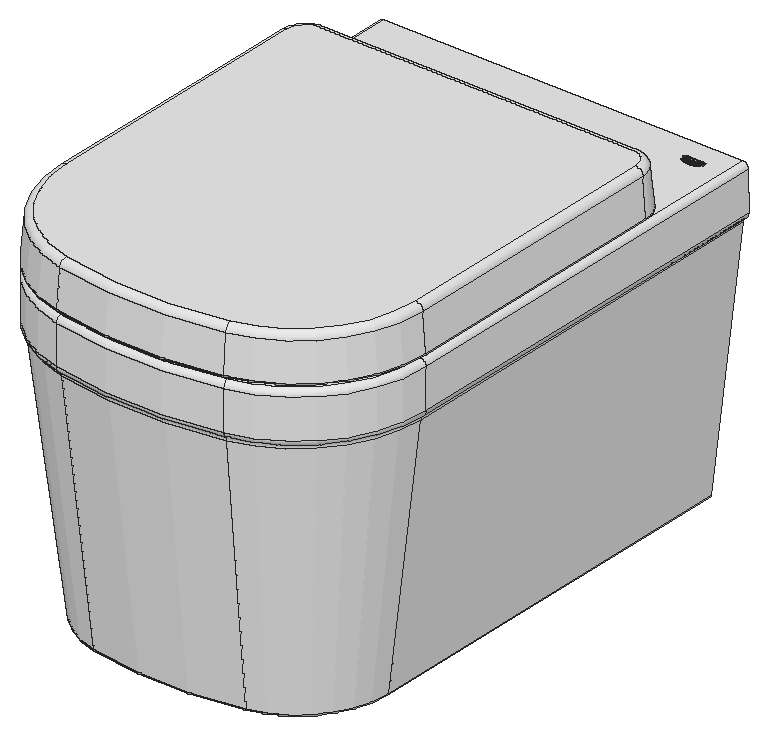
Revit family "PlumbingFixture_GroheLimited_EuroCeramicWallhungWC_39328000_METRIC1", category Plumbing Fixtures, Revit 2015
Parameters (values of type "39328000")
  _DistributedBy = "www.bimstore.co.uk"
  _CurrentRevision = 0
  _CreatedBy = "www.bimstore.co.uk"
  _BimSpecGuid = 0
  _BSBibleVersion = 14
  _AuthorizedBy = "Kris Atkinson"
  _Author = "Ian Holmes"
  Waste Connection = yes
  WarrantyStartDate [instance] = "Please Record On Commissioning."
  WarrantyGuarantorParts = "info-uk@grohe.com"
  WarrantyGuarantorLabor = "info-uk@grohe.com"
  WarrantyDurationUnit = "Years"
  WarrantyDurationParts = "n/a"
  WarrantyDurationLabor = "n/a"
  WarrantyDescription = "n/a"
  WFU = 0
  Vent Connection = no
  URL = "www.grohe.com"
  TypeName = "Euro Ceramic wallhung WC"
  Type Comments = "39328000"
  SpareParts = "n/a"
  Size = "n/a"
  Shape = "n/a"
  SerialNumber [instance] = "Please Record On Commissioning."
  ReplacementCost = "n/a"
  ReferencedStandard = "n/a"
  ProductionYear = "2017"
  ProductPageURL = "https://www.grohe.co.uk/en_gb/euro-ceramic-wall-hung-wc-39328000.html"
  ProductDocumentationLink = "https://cdn.cloud.grohe.com/dimdraw/2000/2000/2090/2095/2095964/1500/2095964.jpg"
  PrimaryMaterial = Ceramic, White
  PercentageOfRecycledContent = "n/a"
  OffsetFromLevel [instance] = 400 mm
  NominalLength = 0 mm
  NominalHeight = 0 mm
  NominalDepth = 0 mm
  NBSReference = "45-35-70/384"
  NBSOfficeMasterTag = "n/a"
  NBSObjectName = "Grohe Limited -  WC pans"
  NBSNote = ""
  NBSDescription = "WC pans"
  ModelReference = "Euro Ceramic wallhung WC"
  ModelNumber = "39328000"
  Model = "Euro Ceramic wallhung WC"
  Material = "Ceramic"
  MasterformatTitle = "Sanitary Facilities"
  MasterformatNumber = "01 52 19"
  ManufacturerName = "Grohe Limited"
  Manufacturer = "Grohe Limited"
  LowEmittingMaterial = no
  LEEDCredit = "n/a"
  Keynote = "N13"
  InstallationDate [instance] = "Please Record On Commissioning."
  IndustryStandards = "n/a"
  IfcExportType = "IfcPipeFittingType"
  IfcExportAs = "IfcPipeFitting"
  HotWaterConnectionDiameter = 10 mm
  HWFU = 4.5
  HW Connection = no
  Grade = "2017"
  Finish = "Ceramic"
  Features = "Euro Ceramic Wallhung WC, Triple vortex, Rimless, Flushing volume 5/ 3L, Incl. fixation set , Optional Proguard & HyperClean (00H), Vitreous china, Alpine White, 16 pcs per pallet"
  ExpectedLife = 0
  Ecojoy = no
  DurationUnit = "Years"
  DocumentationTechnical = "n/a"
  DocumentationMaintenance = "n/a"
  DocumentationLiterature = "n/a"
  DocumentationInstallationGuide = "n/a"
  DocumentationCertificates = "n/a"
  Description = "Euro Ceramic Wallhung WC, Triple vortex, Rimless, Flushing volume 5/ 3L, Incl. fixation set , Optional Proguard & HyperClean (00H), Vitreous china, Alpine White, 16 pcs per pallet"
  CreatedOn = "2017-08-01T09:00:00"
  CreatedBy = "info-uk@grohe.com"
  Cost = 0
  Constituents = "n/a"
  Color = "White"
  ColdWaterConnectionDiameter = 10 mm
  CodePerformance = "n/a"
  ClassificationValue = "Pr_40_20_93_94"
  ClassificationName = "Uniclass2015"
  CWFU = 4.5
  CW Connection = no
  BarCode [instance] = "Please Record On Commissioning."
  BIMObjectName = "PlumbingFixture_GroheLimited_EuroCeramicWallhungWC _39328000_METRIC"
  AssetType = "Fixed"
  AssetIdentifier [instance] = "Please Record On Commissioning."
  Assembly Code = "N2010"
  AccessibilityPerformance = "n/a"
  ADACompliant = no
Reference planes
  plane 1 "Center (Front/Back)": y = 0
  plane 2: z = 0
  plane 3 "Center (Left/Right)": x = 0
  plane 4: z = 449.971
  plane 5: z = 84.308
  plane 6: z = 400
Lines and regions (mm)
  reference lines
    curve 1: line (0, 0, 230) -> (0, -100, 230)
Dimensions and locks
  "OffsetFromLevel": plane 6 to plane 2
  locked: plane 4 to plane 5 at 365.663
  locked: plane 4 to plane 6 at 49.971
  locked: curve 1 to plane 6 at 170
  locked: curve 1 to curve 1 at 100
  aligned and locked: level to plane 2
  aligned and locked: nested 1 to plane 5
  aligned and locked: plane 1 "Center (Front/Back)" to nested 1
  aligned and locked: plane 3 "Center (Left/Right)" to nested 1
  aligned and locked: plane 1 "Center (Front/Back)" to curve 1
Nested families
  nested 1: "39328000" at (0, 0, 39.5), type "39328000"
    with OffsetFromLevel 0 mm
Connectors
  piping at (0, 0, 230), diameter 102
    settings: on curve 1, index 1, connector inside diameter 609.6 mm, connector length 0 mm, flow factor 0, pipe flow 0.0 L/s, pressure drop 0.0 Pa, fitting loss kfactor 0, connector angle 0.00°, fixture units 0, engagement length 0 mm, angle of deflection 0.00°, flow configuration 0, flow direction 2, fitting loss method 0, system type 16, joint type 0, gender type 0, connector reference index -1, connector utility 0, adjustable connector no, is connector primary yes, connector description ""
Definition of nested family "39328000"
  Parameters (values of type "39328000")
    Waste Connection = yes
    WFU = 0
    Vent Connection = no
    URL = "www.grohe.com"
    Type Comments = "39328000"
    PrimaryMaterial = none
    OffsetFromLevel [instance] = 0 mm
    Model = "Euro Ceramic wallhung WC"
    Manufacturer = "Grohe Limited"
    Keynote = "N13"
    HWFU = 4.5
    HW Connection = no
    Description = "Euro Ceramic Wallhung WC, Triple vortex, Rimless, Flushing volume 5/ 3L, Incl. fixation set , Optional Proguard & HyperClean (00H), Vitreous china, Alpine White, 16 pcs per pallet"
    Cost = 0
    CWFU = 4.5
    CW Connection = no
    Assembly Code = "N2010"
  Reference planes
    plane 1 "Center (Front/Back)": y = 0
    plane 2: z = 0
    plane 3 "Center (Left/Right)": x = 0
  Forms (mm)
    Sweep 1, solid, material <- "PrimaryMaterial"
      path in 3D
        loop
          line (-186.764, 0, 0) -> (-186.764, -405.863, 0)
          arc (-186.764, -405.863, 0) -> (-158.035, -487.375, 0) -> (-84.546, -532.86, 0) r 130
          arc (-84.546, -532.86, 0) -> (0, -542, 0) -> (84.546, -532.86, 0) r 395.611
          arc (84.546, -532.86, 0) -> (158.035, -487.375, 0) -> (186.764, -405.863, 0) r 130
          line (186.764, -405.863, 0) -> (186.764, 0, 0)
      profile origin (-186.764, 0, 0) x (1, 0, 0) y (0, 0, 1)
        loop
          line (39.825, 44.808) -> (113.176, 44.808) -> (113.176, 360.5) -> (6, 360.5)
          arc (6, 360.5) -> (1.757, 358.742) -> (0, 354.5) r 6
          line (0, 354.5) -> (0, 314.906)
          arc (0, 314.906) -> (0.706, 312.082) -> (2.657, 309.923) r 6
          arc (2.657, 309.923) -> (4.523, 307.918) -> (5.304, 305.293) r 6
          arc (5.304, 305.293) -> (17.286, 175.32) -> (37.861, 46.427) r 1967.257
          arc (37.861, 46.427) -> (38.552, 45.265) -> (39.825, 44.808) r 2
    Extrusion 2, solid, material <- "PrimaryMaterial"
      sketch origin (0, 0, 0) x (1, 0, 0) y (0, 1, 0)
        loop
          line (73.588, 0) -> (-73.588, 0) -> (-73.588, -405.863)
          arc (-73.588, -405.863) -> (-69.87, -416.412) -> (-60.36, -422.299) r 16.824
          arc (-60.36, -422.299) -> (0, -428.824) -> (60.36, -422.299) r 282.435
          arc (60.36, -422.299) -> (69.87, -416.412) -> (73.588, -405.863) r 16.824
          line (73.588, -405.863) -> (73.588, 0)
      from 44.808 to 360.5
    Sweep 3, solid, material <- "PrimaryMaterial"
      path in 3D
        loop
          arc (-186.764, -405.863, 0) -> (-158.035, -487.375, 0) -> (-84.546, -532.86, 0) r 130
          arc (-84.546, -532.86, 0) -> (0, -542, 0) -> (84.546, -532.86, 0) r 395.611
          arc (84.546, -532.86, 0) -> (158.035, -487.375, 0) -> (186.764, -405.863, 0) r 130
          line (186.764, -405.863, 0) -> (186.764, -128.6, 0)
          arc (186.764, -128.6, 0) -> (177.977, -107.387, 0) -> (156.764, -98.6, 0) r 30
          line (156.764, -98.6, 0) -> (-156.764, -98.6, 0)
          arc (-156.764, -98.6, 0) -> (-177.977, -107.387, 0) -> (-186.764, -128.6, 0) r 30
          line (-186.764, -128.6, 0) -> (-186.764, -405.863, 0)
      profile origin (-186.764, -267.232, 0) x (1, 0, 0) y (0, 0, 1)
        loop
          arc (0.095, 366.487) -> (0.354, 365.724) -> (1.091, 365.4) r 1
          line (1.091, 365.4) -> (25, 365.4) -> (25, 410.47) -> (10.816, 410.47)
          arc (10.816, 410.47) -> (5.749, 408.5) -> (3.344, 403.624) r 7.5
          line (3.344, 403.624) -> (0.095, 366.487)
    Extrusion 4, solid, material <- "PrimaryMaterial"
      sketch origin (0, 0, 0) x (1, 0, 0) y (0, 1, 0)
        loop
          arc (-161.764, -405.863) -> (-138.56, -471.7) -> (-79.204, -508.438) r 105
          arc (-79.204, -508.438) -> (0, -517) -> (79.204, -508.438) r 370.611
          arc (79.204, -508.438) -> (138.56, -471.7) -> (161.764, -405.863) r 105
          line (161.764, -405.863) -> (161.764, -128.6)
          arc (161.764, -128.6) -> (160.3, -125.065) -> (156.764, -123.6) r 5
          line (156.764, -123.6) -> (-156.764, -123.6)
          arc (-156.764, -123.6) -> (-160.3, -125.065) -> (-161.764, -128.6) r 5
          line (-161.764, -128.6) -> (-161.764, -405.863)
      from 410.47 to 365.4
    Sweep 5, void
      path in 3D
        loop
          line (216.764, -98.6, 0) -> (-218.236, -98.6, 0)
      profile origin (-0.736, -98.6, 0) x (0, -1, 0) y (0, 0, 1)
        loop
          line (1.335, 381.707) -> (2.971, 400.4) -> (-11.785, 400.4) -> (-11.785, 362.875) -> (24.909, 362.875) -> (24.909, 365.4) -> (16.278, 365.4)
          arc (16.278, 365.4) -> (5.219, 370.266) -> (1.335, 381.707) r 15
    Extrusion 6, solid, material <- "PrimaryMaterial"
      sketch origin (0, 0, 0) x (1, 0, 0) y (0, 1, 0)
        loop
          circle (-77.512, -95.399) r 27.5
        loop
          circle (77.512, -95.399) r 27.5
      from 368.18 to 360.5
    Revolve 7, solid, material <- "PrimaryMaterial"
      sketch origin (0, 0, 0) x (0, 1, 0) y (0, 0, 1)
        loop
          line (-211.128, 60) -> (-211.128, 0)
          arc (-211.128, 0) -> (-164.42, 16.983) -> (-139.529, 60) r 72.72
          line (-139.529, 60) -> (-211.128, 60)
        axis (-211.128, 60) -> (-211.128, 0)
      angle from 0 to 360
    Extrusion 8, void
      sketch origin (224.779, -108.986, 211.5) x (0, 1, 0) y (-1, 0, 0)
        loop
          spline (87.555, 81.289) -> (87.887, 82.628) -> (87.745, 83.695) -> (87.295, 84.469) -> (86.699, 84.932) -> (86.051, 85.104) -> (85.409, 85.033) -> (84.827, 84.764) -> (84.353, 84.331) -> (84.021, 83.74) -> (83.863, 82.996) -> (83.936, 82.119) -> (84.344, 81.161)
          line (84.344, 81.161) -> (85.87, 81.161) -> (85.87, 82.167) -> (84.746, 82.167)
          spline (84.746, 82.167) -> (84.504, 82.743) -> (84.528, 83.242) -> (84.755, 83.645) -> (85.125, 83.934) -> (85.576, 84.093) -> (86.047, 84.102) -> (86.482, 83.954) -> (86.841, 83.659) -> (87.086, 83.231) -> (87.178, 82.684) -> (87.081, 82.032) -> (86.755, 81.289)
          line (86.755, 81.289) -> (87.555, 81.289)
        loop
          line (83.951, 80.338) -> (83.951, 79.329) -> (87.024, 79.329)
          spline (87.024, 79.329) -> (87.029, 79.038) -> (87.035, 78.793) -> (87.026, 78.589) -> (86.985, 78.42) -> (86.897, 78.281) -> (86.748, 78.169) -> (86.552, 78.097) -> (86.337, 78.089) -> (86.129, 78.171) -> (85.958, 78.365) -> (85.851, 78.696) -> (85.837, 79.188)
          line (85.837, 79.188) -> (83.951, 77.819) -> (83.951, 76.51) -> (85.511, 77.819)
          arc (85.511, 77.819) -> (86.802, 77.083) -> (87.755, 78.223) r 1.158
          line (87.755, 78.223) -> (87.755, 80.338) -> (83.951, 80.338)
        loop
          spline (83.801, 74.144) -> (83.871, 73.536) -> (84.074, 72.97) -> (84.398, 72.483) -> (84.819, 72.11) -> (85.311, 71.875) -> (85.838, 71.795) -> (86.365, 71.875) -> (86.856, 72.11) -> (87.278, 72.483) -> (87.601, 72.97) -> (87.805, 73.536) -> (87.874, 74.144)
          spline (87.874, 74.144) -> (87.805, 74.752) -> (87.601, 75.319) -> (87.278, 75.805) -> (86.856, 76.179) -> (86.365, 76.413) -> (85.838, 76.493) -> (85.311, 76.413) -> (84.819, 76.179) -> (84.398, 75.805) -> (84.074, 75.319) -> (83.871, 74.752) -> (83.801, 74.144)
        loop
          spline (84.492, 74.144) -> (84.538, 73.81) -> (84.673, 73.498) -> (84.886, 73.23) -> (85.165, 73.025) -> (85.489, 72.896) -> (85.838, 72.851) -> (86.186, 72.896) -> (86.51, 73.025) -> (86.789, 73.23) -> (87.003, 73.498) -> (87.137, 73.81) -> (87.183, 74.144)
          spline (87.183, 74.144) -> (87.137, 74.479) -> (87.003, 74.791) -> (86.789, 75.059) -> (86.51, 75.264) -> (86.186, 75.393) -> (85.838, 75.437) -> (85.489, 75.393) -> (85.165, 75.264) -> (84.886, 75.059) -> (84.673, 74.791) -> (84.538, 74.479) -> (84.492, 74.144)
        loop
          line (83.95, 71.102) -> (83.95, 70.1) -> (85.811, 70.1) -> (85.811, 68.368) -> (83.95, 68.368) -> (83.95, 67.366) -> (87.982, 67.366) -> (87.982, 68.368) -> (86.592, 68.368) -> (86.592, 70.1) -> (87.982, 70.1) -> (87.982, 71.102) -> (83.95, 71.102)
        loop
          line (83.95, 66.313) -> (83.95, 63.467) -> (84.782, 63.467) -> (84.782, 65.311) -> (85.582, 65.311) -> (85.582, 63.967) -> (86.382, 63.967) -> (86.382, 65.311) -> (87.182, 65.311) -> (87.182, 63.682) -> (87.982, 63.682) -> (87.982, 66.313) -> (83.95, 66.313)
        loop
          arc (82.595, 81.499) -> (82.17, 82.773) -> (82.083, 84.113) r 5.216
          line (82.083, 84.113) -> (81.375, 83.598)
          arc (81.375, 83.598) -> (81.543, 82.365) -> (81.965, 81.194) r 5.916
          arc (81.965, 81.194) -> (82.476, 78.968) -> (81.965, 76.743) r 5.1
          arc (81.965, 76.743) -> (81.372, 74.162) -> (81.965, 71.581) r 5.916
          arc (81.965, 71.581) -> (82.476, 69.355) -> (81.965, 67.13) r 5.1
          arc (81.965, 67.13) -> (81.543, 65.959) -> (81.375, 64.726) r 5.916
          line (81.375, 64.726) -> (82.083, 64.211)
          arc (82.083, 64.211) -> (82.17, 65.551) -> (82.595, 66.824) r 5.216
          arc (82.595, 66.824) -> (83.176, 69.355) -> (82.595, 71.886) r 5.8
          arc (82.595, 71.886) -> (82.072, 74.162) -> (82.595, 76.438) r 5.216
          arc (82.595, 76.438) -> (83.176, 78.968) -> (82.595, 81.499) r 5.8
        loop
          arc (81.095, 66.824) -> (81.676, 69.355) -> (81.095, 71.886) r 5.8
          arc (81.095, 71.886) -> (80.572, 74.162) -> (81.095, 76.438) r 5.216
          arc (81.095, 76.438) -> (81.676, 78.968) -> (81.095, 81.499) r 5.8
          arc (81.095, 81.499) -> (80.853, 82.087) -> (80.684, 82.7) r 5.216
          line (80.684, 82.7) -> (80.154, 81.971)
          arc (80.154, 81.971) -> (80.296, 81.577) -> (80.465, 81.194) r 5.916
          arc (80.465, 81.194) -> (80.976, 78.968) -> (80.465, 76.743) r 5.1
          arc (80.465, 76.743) -> (79.872, 74.162) -> (80.465, 71.581) r 5.916
          arc (80.465, 71.581) -> (80.976, 69.355) -> (80.465, 67.13) r 5.1
          arc (80.465, 67.13) -> (80.296, 66.747) -> (80.154, 66.353) r 5.916
          line (80.154, 66.353) -> (80.684, 65.624)
          arc (80.684, 65.624) -> (80.853, 66.237) -> (81.095, 66.824) r 5.216
        loop
          line (79.776, 81.084) -> (79.321, 80.217)
          arc (79.321, 80.217) -> (79.45, 78.449) -> (78.965, 76.743) r 5.1
          arc (78.965, 76.743) -> (78.372, 74.162) -> (78.965, 71.581) r 5.916
          arc (78.965, 71.581) -> (79.45, 69.875) -> (79.321, 68.107) r 5.1
          line (79.321, 68.107) -> (79.776, 67.239)
          arc (79.776, 67.239) -> (80.172, 69.582) -> (79.595, 71.886) r 5.8
          arc (79.595, 71.886) -> (79.072, 74.162) -> (79.595, 76.438) r 5.216
          arc (79.595, 76.438) -> (80.172, 78.742) -> (79.776, 81.084) r 5.8
      from 146.798 to 149
    Extrusion 9, solid
      sketch origin (-41.446, -3.116, 211.5) x (1, 0, 0) y (0, 1, 0)
        loop
          spline (184.936, -18.315) -> (183.597, -17.984) -> (182.53, -18.126) -> (181.756, -18.575) -> (181.293, -19.172) -> (181.121, -19.819) -> (181.192, -20.461) -> (181.461, -21.043) -> (181.894, -21.517) -> (182.485, -21.849) -> (183.229, -22.007) -> (184.106, -21.934) -> (185.064, -21.526)
          line (185.064, -21.526) -> (185.064, -20) -> (184.058, -20) -> (184.058, -21.124)
          spline (184.058, -21.124) -> (183.482, -21.366) -> (182.983, -21.343) -> (182.58, -21.115) -> (182.29, -20.745) -> (182.132, -20.294) -> (182.123, -19.824) -> (182.271, -19.389) -> (182.566, -19.03) -> (182.994, -18.785) -> (183.541, -18.692) -> (184.193, -18.789) -> (184.936, -19.115)
          line (184.936, -19.115) -> (184.936, -18.315)
        loop
          line (185.887, -21.919) -> (186.896, -21.919) -> (186.896, -18.847)
          spline (186.896, -18.847) -> (187.187, -18.841) -> (187.432, -18.835) -> (187.636, -18.845) -> (187.805, -18.886) -> (187.943, -18.974) -> (188.056, -19.122) -> (188.128, -19.318) -> (188.135, -19.534) -> (188.054, -19.741) -> (187.86, -19.912) -> (187.529, -20.019) -> (187.037, -20.034)
          line (187.037, -20.034) -> (188.406, -21.919) -> (189.715, -21.919) -> (188.406, -20.359)
          arc (188.406, -20.359) -> (189.142, -19.069) -> (188.002, -18.116) r 1.158
          line (188.002, -18.116) -> (185.887, -18.116) -> (185.887, -21.919)
        loop
          spline (192.081, -22.069) -> (192.689, -22) -> (193.255, -21.796) -> (193.742, -21.473) -> (194.115, -21.051) -> (194.35, -20.56) -> (194.43, -20.033) -> (194.35, -19.506) -> (194.115, -19.014) -> (193.742, -18.593) -> (193.255, -18.269) -> (192.689, -18.066) -> (192.081, -17.996)
          spline (192.081, -17.996) -> (191.473, -18.066) -> (190.906, -18.269) -> (190.42, -18.593) -> (190.046, -19.014) -> (189.812, -19.506) -> (189.732, -20.033) -> (189.812, -20.56) -> (190.046, -21.051) -> (190.42, -21.473) -> (190.906, -21.796) -> (191.473, -22) -> (192.081, -22.069)
        loop
          spline (192.081, -21.378) -> (192.415, -21.332) -> (192.727, -21.198) -> (192.995, -20.984) -> (193.2, -20.705) -> (193.329, -20.381) -> (193.374, -20.033) -> (193.329, -19.684) -> (193.2, -19.36) -> (192.995, -19.081) -> (192.727, -18.868) -> (192.415, -18.733) -> (192.081, -18.687)
          spline (192.081, -18.687) -> (191.746, -18.733) -> (191.434, -18.868) -> (191.166, -19.081) -> (190.961, -19.36) -> (190.832, -19.684) -> (190.788, -20.033) -> (190.832, -20.381) -> (190.961, -20.705) -> (191.166, -20.984) -> (191.434, -21.198) -> (191.746, -21.332) -> (192.081, -21.378)
        loop
          line (195.123, -21.92) -> (196.125, -21.92) -> (196.125, -20.059) -> (197.857, -20.059) -> (197.857, -21.92) -> (198.859, -21.92) -> (198.859, -17.888) -> (197.857, -17.888) -> (197.857, -19.278) -> (196.125, -19.278) -> (196.125, -17.888) -> (195.123, -17.888) -> (195.123, -21.92)
        loop
          line (199.912, -21.92) -> (202.757, -21.92) -> (202.757, -21.088) -> (200.914, -21.088) -> (200.914, -20.288) -> (202.258, -20.288) -> (202.258, -19.488) -> (200.914, -19.488) -> (200.914, -18.688) -> (202.543, -18.688) -> (202.543, -17.888) -> (199.912, -17.888) -> (199.912, -21.92)
        loop
          arc (184.726, -23.275) -> (183.452, -23.701) -> (182.112, -23.787) r 5.216
          line (182.112, -23.787) -> (182.627, -24.495)
          arc (182.627, -24.495) -> (183.86, -24.328) -> (185.031, -23.905) r 5.916
          arc (185.031, -23.905) -> (187.256, -23.394) -> (189.482, -23.905) r 5.1
          arc (189.482, -23.905) -> (192.063, -24.498) -> (194.644, -23.905) r 5.916
          arc (194.644, -23.905) -> (196.87, -23.394) -> (199.095, -23.905) r 5.1
          arc (199.095, -23.905) -> (200.266, -24.328) -> (201.499, -24.495) r 5.916
          line (201.499, -24.495) -> (202.014, -23.787)
          arc (202.014, -23.787) -> (200.674, -23.701) -> (199.4, -23.275) r 5.216
          arc (199.4, -23.275) -> (196.87, -22.694) -> (194.339, -23.275) r 5.8
          arc (194.339, -23.275) -> (192.063, -23.798) -> (189.787, -23.275) r 5.216
          arc (189.787, -23.275) -> (187.256, -22.694) -> (184.726, -23.275) r 5.8
        loop
          arc (199.4, -24.775) -> (196.87, -24.194) -> (194.339, -24.775) r 5.8
          arc (194.339, -24.775) -> (192.063, -25.298) -> (189.787, -24.775) r 5.216
          arc (189.787, -24.775) -> (187.256, -24.194) -> (184.726, -24.775) r 5.8
          arc (184.726, -24.775) -> (184.138, -25.017) -> (183.525, -25.186) r 5.216
          line (183.525, -25.186) -> (184.254, -25.716)
          arc (184.254, -25.716) -> (184.648, -25.574) -> (185.031, -25.405) r 5.916
          arc (185.031, -25.405) -> (187.256, -24.894) -> (189.482, -25.405) r 5.1
          arc (189.482, -25.405) -> (192.063, -25.998) -> (194.644, -25.405) r 5.916
          arc (194.644, -25.405) -> (196.87, -24.894) -> (199.095, -25.405) r 5.1
          arc (199.095, -25.405) -> (199.478, -25.574) -> (199.872, -25.716) r 5.916
          line (199.872, -25.716) -> (200.601, -25.186)
          arc (200.601, -25.186) -> (199.988, -25.017) -> (199.4, -24.775) r 5.216
        loop
          line (185.14, -26.094) -> (186.008, -26.549)
          arc (186.008, -26.549) -> (187.776, -26.421) -> (189.482, -26.905) r 5.1
          arc (189.482, -26.905) -> (192.063, -27.498) -> (194.644, -26.905) r 5.916
          arc (194.644, -26.905) -> (196.35, -26.421) -> (198.118, -26.549) r 5.1
          line (198.118, -26.549) -> (198.986, -26.094)
          arc (198.986, -26.094) -> (196.643, -25.699) -> (194.339, -26.275) r 5.8
          arc (194.339, -26.275) -> (192.063, -26.798) -> (189.787, -26.275) r 5.216
          arc (189.787, -26.275) -> (187.483, -25.699) -> (185.14, -26.094) r 5.8
      from 149 to 146.798
  Cuts and joins
    Extrusion 8 cuts Sweep 1
    Sweep 5 cuts Sweep 3
    joined: Sweep 1, Extrusion 2, Sweep 3, Extrusion 4, Extrusion 6, Revolve 7
  Lines and regions (mm)
    Masking region 1
      outline origin (0, 0, 0) x (0, 1, 0) y (0, 0, 1)
        loop
          arc (-403.961, 44.808) -> (-487.262, 165.565) -> (-534.068, 304.599) r 527.283
          arc (-534.068, 304.599) -> (-535.376, 307.36) -> (-537.875, 309.119) r 6
          arc (-537.875, 309.119) -> (-540.682, 311.171) -> (-542, 314.388) r 6.395
          line (-542, 314.388) -> (-542, 34.201) -> (-393.354, 34.201)
          arc (-393.354, 34.201) -> (-398.769, 39.393) -> (-403.961, 44.808) r 178.729
    sketch lines
      curve 1: line (-186.764, 0, 0) -> (-186.764, -405.863, 0)
      curve 2: arc (-84.546, -532.86, 0) -> (-158.035, -487.375, 0) -> (-186.764, -405.863, 0) r 130
      curve 3: arc (-84.546, -532.86, 0) -> (0, -542, 0) -> (84.546, -532.86, 0) r 395.611
      curve 4: arc (84.546, -532.86, 0) -> (158.035, -487.375, 0) -> (186.764, -405.863, 0) r 130
      curve 5: line (186.764, 0, 0) -> (186.764, -405.863, 0)
      curve 6: line (-186.764, -128.6, 0) -> (-186.764, -405.863, 0)
      curve 7: arc (-84.546, -532.86, 0) -> (-158.035, -487.375, 0) -> (-186.764, -405.863, 0) r 130
      curve 8: arc (-84.546, -532.86, 0) -> (0, -542, 0) -> (84.546, -532.86, 0) r 395.611
      curve 9: arc (84.546, -532.86, 0) -> (158.035, -487.375, 0) -> (186.764, -405.863, 0) r 130
      curve 10: line (186.764, -128.6, 0) -> (186.764, -405.863, 0)
      curve 11: arc (156.764, -98.6, 0) -> (177.977, -107.387, 0) -> (186.764, -128.6, 0) r 30
      curve 12: line (156.764, -98.6, 0) -> (-156.764, -98.6, 0)
      curve 13: arc (-186.764, -128.6, 0) -> (-177.977, -107.387, 0) -> (-156.764, -98.6, 0) r 30
      curve 14: line (216.764, -98.6, 0) -> (-218.236, -98.6, 0)
  Dimensions and locks
    aligned and locked: level to plane 2
